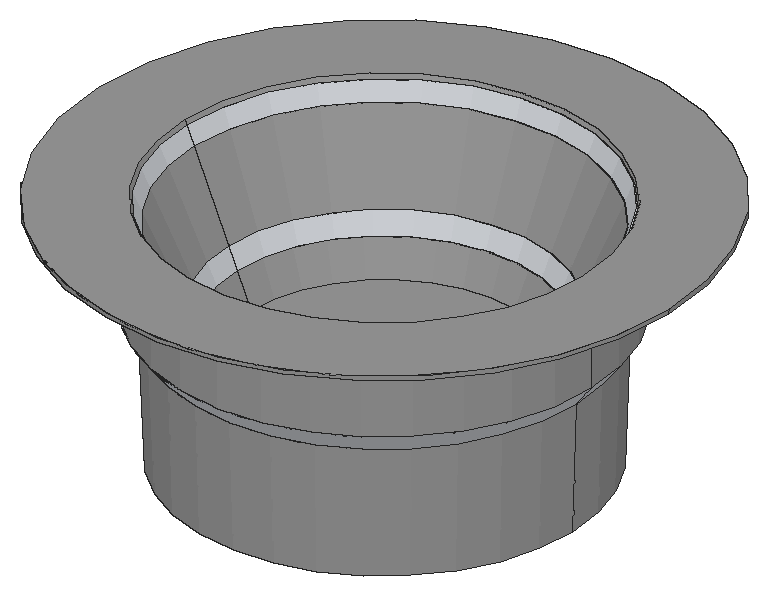
Revit family "2070296", category Lighting Fixtures, host Face, Revit 2018
Family settings
  Host = Face
  Round Connector Dimension = Use Diameter
  Part Type = Normal
  OmniClass Number = 23.80.70.00
  OmniClass Title = Lighting
  Cut with Voids When Loaded = No
  Light Source = Yes
  Shared = No
  Room Calculation Point = No
Parameters (values of type "2070296 SOLSTICE 250  2400LM 940   SSA")
  Weight = "n/a"
  Wattage Comments = ""
  Wattage = 9.2903 W
  WarrantyStartDate [instance] = "n/a"
  WarrantyGuarantorParts = "n/a"
  WarrantyDurationUnit = "n/a"
  WarrantyDurationParts = ""
  WarrantyDescription = "http://www.sylvania-lighting.com"
  built-in parameter 1150110 = 1 (stored number, unit not read)
  Voltage = 0 V
  URL = "0.96"
  TypeName = "Solstice 250  2400lm 940   SSA"
  Type Image = <None>
  Type Comments = "n/a"
  built-in parameter 1114217 = 1 (stored number, unit not read)
  Tilt Angle = -90.00°
  built-in parameter 1150109 = 1 (stored number, unit not read)
  built-in parameter 1150134 = 3
  built-in parameter 1150113 = 1 (stored number, unit not read)
  SerialNumber [instance] = "n/a"
  Photometric Web File = "2070396.ies"
  Material_3_SYL = none
  PowerFactor = 0
  PowerConsumption = "Lighting"
  NominalLength = 266 mm
  NominalHeight = 107 mm
  NominalDepth = 266 mm
  Name = "Solstice 250  2400lm 940   SSA"
  ModelReference = Name  # "Solstice 250  2400lm 940   SSA"
  ModelNumber = "2070296"
  Model = Name  # "Solstice 250  2400lm 940   SSA"
  Material = "Feilo Sylvania"
  ManufacturerName = "141 lm/W"
  Manufacturer = ""
  LuminousEfficacy = ""
  built-in parameter 1150105 = 109.82 (stored number, unit not read)
  Lumens = 1380 lm
  LuminaireType = "0"
  built-in parameter 1150115 = 1 (stored number, unit not read)
  LightOutputRatio = "LED"
  built-in parameter 1150137 = (empty or 0)
  built-in parameter 1150139 = (empty or 0)
  LampsType = Lamp  # "n/a"
  LampNominalLuminous = "4000 K"
  LampMacAdamStep = "90"
  LampColourTemperature = "LED"
  LampColourRenderingIndex = "16500"
  built-in parameter 1150112 = 1 (stored number, unit not read)
  built-in parameter 1150114 = 1 (stored number, unit not read)
  Lamp = "n/a"
  Keynote = "n/a"
  InstallationDate [instance] = "n/a"
  InputVoltage = "0"
  InputNominalFrequency = "4000"
  built-in parameter 1150132 = (empty or 0)
  built-in parameter 1150102 = (empty or 0)
  built-in parameter 1150107 = 3200 (stored number, unit not read)
  built-in parameter 1150138 = (empty or 0)
  IngressProtection = "IfcLightFixtureType"
  ImpactProtectionIndex = "IfcLightFixtureType"
  built-in parameter 1150106 = 1.0982 (stored number, unit not read)
  IfcExportType = "IfcLightFixtureType"
  IfcExportAs = "Class II"
  Emit from Circle Diameter = 609.6 mm
  Emit Shape Visible in Rendering = no
  ElectricShockClassification = "141"
  built-in parameter 1150104 = 13.8 (stored number, unit not read)
  DocumentationLiterature = "http://www.sylvania-lighting.com/product/en-int/products/2070296"
  DimmingControlOptions = "n/a"
  Material_2_SYL = none
  Dimming Lamp Color Temperature Shift = <None>
  Description = "The Solstice 250  2400lm 940   SSAis a high efficient SSAdimmable downlight luminaire, Colour rendering index Ra>90, Colour temperature: 4000K Neutral White, Class II, Protection rating IP40/IP20, Cut out dimensions: 250mm."
  Default Elevation = 1219.2 mm
  CreatedOn = "03/08/2023"
  CreatedBy = "@sylvania-lighting.com"
  Cost = 0
  Color Filter = 16777215
  built-in parameter 1114216 [instance] = (empty or 0)
  ClassificationValue = "EF_70_80"
  ClassificationName = "Uniclass2015"
  Material_1_SYL = none
  BarCode [instance] = "n/a"
  built-in parameter 1114218 = 1 (stored number, unit not read)
  built-in parameter 1150133 = 10 (stored number, unit not read)
  AssetType = "Fixed"
  AssetIdentifier [instance] = "n/a"
  Assembly Code = "D5020200"
  Apparent Load = 17 VA
  Material_4_SYL = none
Reference planes
  plane 1 "Center (Front/Back)": y = 0
  plane 2: z = 0
  plane 3 "Center (Left/Right)": x = 0
  plane 4: x = -133
  plane 5: x = 133
  plane 6: y = 133
  plane 7: y = -133
  plane 8: y = 75
  plane 9: y = -75
  plane 10: y = 73
  plane 11: y = -73
  plane 12: x = 73
  plane 13: x = 75
  plane 14: x = 66
  plane 15: z = 3.8
  plane 16: x = -66.957
  plane 17: x = -66
  plane 18: z = -43.783
  plane 19: x = 66.001
  plane 20: x = 64.013
  plane 21: x = -64
  plane 22: z = -45.791
  plane 23: x = 69.732
  plane 24: z = -107
  plane 25: z = -53
  plane 26: z = -7.783
Forms (mm)
  Blend 1, solid, material "Aluminum", detail levels medium+fine
    base sketch origin (0, 0, 0) x (1, 0, 0) y (0, 1, 0)
      loop
        circle (0, 0) r 133
    top sketch origin (0, 0, 0) x (1, 0, 0) y (0, 1, 0)
      loop
        circle (0, 0) r 133
    from 0 to 1.8
  Extrusion 2, void
    sketch origin (0, 0, 0) x (1, 0, 0) y (0, 1, 0)
      loop
        circle (0, 0) r 73
    from 0 to 1.8
  Blend 3, solid, material "Aluminum", detail levels medium+fine
    base sketch origin (0, 0, 0) x (1, 0, 0) y (0, 1, 0)
      loop
        circle (0, 0) r 97
    top sketch origin (0, 0, 0) x (1, 0, 0) y (0, 1, 0)
      loop
        circle (0, 0) r 97
    from -43.783 to -7.783
  Blend 4, solid, detail levels medium+fine
    base sketch origin (0, 0, 0) x (1, 0, 0) y (0, 1, 0)
      loop
        circle (0, 0) r 120
    top sketch origin (0, 0, 0) x (1, 0, 0) y (0, 1, 0)
      loop
        circle (0, 0) r 97
    from 0 to -7.783
  Blend 5, solid, detail levels medium+fine
    base sketch origin (0, 0, 0) x (1, 0, 0) y (0, 1, 0)
      loop
        circle (0, 0) r 97
    top sketch origin (0, 0, 0) x (1, 0, 0) y (0, 1, 0)
      loop
        circle (0, 0) r 90
    from -43.783 to -52.783
  Blend 6, solid, material "Aluminum", detail levels medium+fine
    base sketch origin (0, 0, 0) x (1, 0, 0) y (0, 1, 0)
      loop
        circle (0, 0) r 88
    top sketch origin (0, 0, 0) x (1, 0, 0) y (0, 1, 0)
      loop
        circle (0, 0) r 90
    from -107 to -52.783
  Blend 7, void
    base sketch origin (0, 1219.2, 38) x (1, 0, 0) y (0, 1, 0)
      loop
        circle (0, -1219.2) r 94
    top sketch origin (0, 1219.2, 38) x (1, 0, 0) y (0, 1, 0)
      loop
        circle (0, -1219.2) r 62
    from -34.405 to -106.2
  Extrusion 8, solid, material "Glass, White, High Luminance", detail levels fine
    sketch origin (0, 0, 0) x (1, 0, 0) y (0, 1, 0)
      loop
        circle (0, 0) r 62
    from -68.2 to -67.156
  Extrusion 9, solid, detail levels coarse
    sketch origin (319, 1524, 1219.2) x (0, 1, 0) y (0, 0, 1)
      loop
        line (-1391, -1217.4) -> (-1657, -1217.4) -> (-1657, -1326.2) -> (-1391, -1326.2) -> (-1391, -1217.4)
    from -452 to -186
Cuts and joins
  Extrusion 2, Blend 7 cuts Blend 1
  Blend 7 cuts Blend 4
  Extrusion 2, Blend 7 cuts Blend 3
  Blend 7 cuts Blend 5
  Blend 7 cuts Blend 6
Dimensions and locks
  "NominalLength": plane 4 to plane 5
  equal spacing: plane 4, plane 3 "Center (Left/Right)", plane 5
  "NominalDepth": plane 6 to plane 7
  equal spacing: plane 6, plane 1 "Center (Front/Back)", plane 7
  "NominalHeight": host face to plane 24
  aligned and locked: plane 2 to host face
  aligned and locked: level to host face
Automatic sketch dimensions
  host sketch curve to host sketch curve = 2438.4 mm  (x2)
  plane 1 "Center (Front/Back)" to Blend 1 sketch curve = 0 mm  (x2)
  Blend 1 sketch curve to plane 3 "Center (Left/Right)" = 0 mm  (x2)
  plane 1 "Center (Front/Back)" to Extrusion 2 sketch curve = 0 mm
  Extrusion 2 sketch curve to plane 3 "Center (Left/Right)" = 0 mm
  plane 1 "Center (Front/Back)" to Blend 3 sketch curve = 0 mm  (x2)
  Blend 3 sketch curve to plane 3 "Center (Left/Right)" = 0 mm  (x2)
  plane 1 "Center (Front/Back)" to Blend 4 sketch curve = 0 mm  (x2)
  Blend 4 sketch curve to plane 3 "Center (Left/Right)" = 0 mm  (x2)
  plane 1 "Center (Front/Back)" to Blend 5 sketch curve = 0 mm  (x2)
  Blend 5 sketch curve to plane 3 "Center (Left/Right)" = 0 mm  (x2)
  plane 1 "Center (Front/Back)" to Blend 6 sketch curve = 0 mm  (x2)
  Blend 6 sketch curve to plane 3 "Center (Left/Right)" = 0 mm  (x2)
  plane 1 "Center (Front/Back)" to Blend 7 sketch curve = 0 mm  (x2)
  Blend 7 sketch curve to plane 3 "Center (Left/Right)" = 0 mm  (x2)
  plane 1 "Center (Front/Back)" to Extrusion 8 sketch curve = 0 mm
  Extrusion 8 sketch curve to plane 3 "Center (Left/Right)" = 0 mm
  Extrusion 9 sketch curve to plane 24 = 0 mm
  level to Extrusion 9 sketch curve = 1.8 mm
  Extrusion 9 sketch curve to plane 7 = 0 mm
  plane 6 to Extrusion 9 sketch curve = 0 mm
  radius of Blend 1 sketch curve = 133 mm  (x2)
  radius of Extrusion 2 sketch curve = 73 mm
  radius of Blend 3 sketch curve = 97 mm  (x2)
  radius of Blend 4 sketch curve = 120 mm
  radius of Blend 4 sketch curve = 97 mm
  radius of Blend 5 sketch curve = 97 mm
  radius of Blend 5 sketch curve = 90 mm
  radius of Blend 6 sketch curve = 88 mm
  radius of Blend 6 sketch curve = 90 mm
  radius of Blend 7 sketch curve = 94 mm
  radius of Blend 7 sketch curve = 62 mm
  radius of Extrusion 8 sketch curve = 62 mm
Connectors
  electrical at (0, 0, -107)
    settings: on Blend 6, index 1, voltage 0 V, apparent load 0 VA, apparent load phase1 0 VA, apparent load phase2 0 VA, apparent load phase3 0 VA, power factor 1, load classification "Other", number of poles 1, system type 31, power factor state 1, is connector primary yes, connector utility no, sub classification motor no, connector description ""
